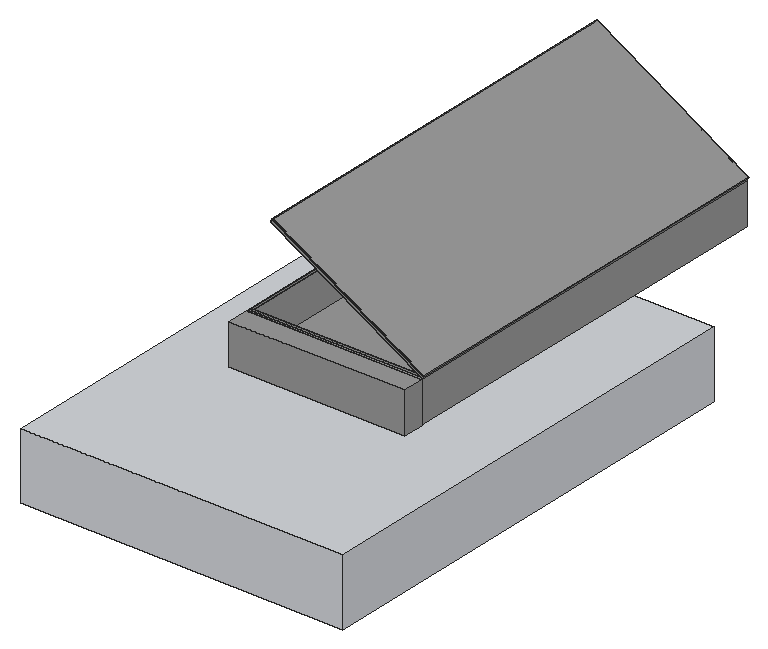
Revit family "Hager-Univers-IP44-D205-H1950-Cl.II-Encl-AT-de", category Equipement électrique, Revit 2020
Family settings
  Hôte = Face
  Configuration du panneau = Deux colonnes, circuits au sein
  Cote de connecteur circulaire = Utiliser le diamètre
  Type d'élément = Tableau de raccordement
  Couper avec des vides une fois chargée = Non
  Partagée = Non
  Point de calcul de pièce = Non
Parameters (values of type "Bodenaufstellung IP44 B800 H1950 T205  - FP23SN2")
  Width Control [instance] = if([EF000008 - Breite] > Min Width, [EF000008 - Breite], Min Width)  # 800 mm
  Commentaires du type = [HG000003 - Bereich]  # "Univers"
  Thickness Door [instance] = if([EF009171 - Materialstärke Tür/Deckel] > 3 mm, 3 mm, [EF009171 - Materialstärke Tür/Deckel])  # 1 mm
  Seal Frame Offset [instance] = 17 mm  # constant formula
  Plinth Visibility [instance] = [HG000027 - Sockelhöhe] > 0 mm  # yes
  Model = ""
  Min Width [instance] = 100 mm  # constant formula
  Min Height [instance] = 100 mm  # constant formula
  Min Depth [instance] = (2 * [EF009170 - Materialstärke Gehäuse]) + 1 mm  # 3 mm
  Internal Frame Depth [instance] = (Door System Depth * 0.5)  # 9 mm
  Height Control [instance] = if([EF000040 - Höhe] > Min Height, [EF000040 - Höhe], Min Height)  # 1950 mm
  HG000027 - Sockelhöhe = 100 mm
  HG000026 - Stehend auf dem Boden = yes
  HG000024 - Höhe des unteren Teils = 800 mm
  HG000023 - Gehäuse mit doppeltem Querschnitt = no
  HG000016 - 3D-Türsichtbarkeit [instance] = yes
  HG000015 - Sichtbarkeit der Türöffnung [instance] = no
  HG000014 - Tür rechts [instance] = yes
  HG000013 - Tür links [instance] = not([HG000014 - Tür rechts])  # no
  HG000012 - Türschwenkwinkel [instance] = 30.00°
  HG000010 - Asymmetrische Türen = no
  HG000009 - Doppelflügeligen Tür = no
  HG000006 - Unterputz = no
  HG000004 - Herstellerreferenz = "FP23SN2"
  HG000003 - Bereich = "Univers"
  HG000002 - Mit tür = yes
  Frame Offset Bottom [instance] = 10 mm  # constant formula
  Frame Offset [instance] = 15 mm  # constant formula
  EF015940 - Deckel mit Überdruckentlastung = no
  EF011959 - Schutzart (NEMA) = ""
  EF009554 - Anzahl der Öffnungen für Flanschplatten = 6
  Fabricant = "Hager"  # constant formula
  EF009212 - Ausführung Deckel = "EV000116 - geschlossen"
  EF009171 - Materialstärke Tür/Deckel = 1 mm
  EF009170 - Materialstärke Gehäuse = 1 mm
  EF008873 - Nennstrom (In) = 400 A
  EF007800 - Geeignet für Blitzschutz = no
  EF006306 - Mit Schloss = no
  EF006244 - Transparenter Deckel/Tür = no
  EF005474 - Schutzart (IP) = "EV006418 - IP44"
  EF004464 - Art der Tür = "EV002646 - Einzel"
  EF004427 - Anzahl der Module = 432
  EF004293 - Schlagfestigkeit = "EV006815 - IK09"
  EF003532 - Geeignet für Außengebrauch = no
  EF002950 - Breite in Teilungseinheiten = 36
  EF001613 - Funktionserhalt = "EV000494 - ohne"
  EF001596 - Werkstoff des Gehäuses = "EV000179 - Stahl"
  EF001131 - Innentiefe = 143 mm
  EF001088 - Anbaumöglichkeit = yes
  EF000437 - Anzahl der Leitungseinführungen = 6
  EF000339 - Art der Abdeckung = "EV001012 - Deckel"
  EF000266 - Anzahl der Reihen = 12
  EF000218 - Einbautiefe = 0 mm
  EF000118 - Mit Montageplatte = no
  EF000116 - RAL-Nummer = "9010"
  EF000049 - Tiefe = 205 mm
  EF000040 - Höhe = 1950 mm
  EF000008 - Breite = 800 mm
  EF000007 - Farbe = "EV000202 - weiß"
  EF000003 - Montageart = "EV012274 - Bodenaufstellung"
  Door System Leaf Tolerance [instance] = 1.5 mm  # constant formula
  Door System Depth [instance] = 18 mm  # constant formula
  Door Height [instance] = Height Control - [HG000027 - Sockelhöhe]  # 1850 mm
  Depth Control [instance] = if([EF000049 - Tiefe] > Min Depth, [EF000049 - Tiefe], Min Depth)  # 205 mm
  Default Elevation = 0 mm
  Connector Offset [instance] = Height Control / 2  # 975 mm
  Bottom Top Plate Trim [instance] = 1.5 mm  # constant formula
  Plinth height Ctrl [instance] = if([HG000027 - Sockelhöhe] > 0 mm, [HG000027 - Sockelhöhe], 12 mm)  # 100 mm
Types (5, lengths in mm): name | Width Control | HG000010 - Asymmetrische Türen | HG000009 - Doppelflügeligen Tür | HG000004 - Herstellerreferenz | EF009554 - Anzahl der Öffnungen für Flanschplatten | EF008873 - Nennstrom (In) | EF004464 - Art der Tür | EF004427 - Anzahl der Module | EF002950 - Breite in Teilungseinheiten | EF000437 - Anzahl der Leitungseinführungen | EF000008 - Breite
  Bodenaufstellung IP44 B1050 H1950 T205  - FP24SN2 | 1050 | no | yes | "FP24SN2" | 8 | 400 A | "EV003602 - Doppel" | 576 | 48 | 8 | 1050
  Bodenaufstellung IP44 B1300 H1950 T205  - FP25SN2 | 1300 | yes | yes | "FP25SN2" | 10 | 400 A | "EV003602 - Doppel" | 720 | 60 | 10 | 1300
  Bodenaufstellung IP44 B300 H1950 T205  - FP21SN2 | 300 | no | no | "FP21SN2" | 2 | 250 A | "EV002646 - Einzel" | 144 | 12 | 2 | 300
  Bodenaufstellung IP44 B550 H1950 T205  - FP22SN2 | 550 | no | no | "FP22SN2" | 4 | 400 A | "EV002646 - Einzel" | 288 | 24 | 4 | 550
  Bodenaufstellung IP44 B800 H1950 T205  - FP23SN2 | 800 | no | no | "FP23SN2" | 6 | 400 A | "EV002646 - Einzel" | 432 | 36 | 6 | 800
Reference planes
  plane 1 "Center (Front/Back)": y = 0
  plane 2: z = 0
  plane 3 "Center (Left/Right)": x = 0
  plane 4: z = 205
  plane 5: y = 101
  plane 6: y = 1025
  plane 7: y = 100
  plane 8: y = 1950
  plane 9: z = 0
  plane 10: x = -385
  plane 11: x = 385
  plane 12: x = 384
  plane 13: x = -384
  plane 14: y = 1949
  plane 15: x = -383
  plane 16: x = -400
  plane 17: x = 383
  plane 18: x = 400
  plane 19: x = 399
  plane 20: x = -399
  plane 21: y = 111
  plane 22: y = 1950
  plane 23: y = 1934
  plane 24: z = 187
  plane 25: z = 1
  plane 26: z = 186
  plane 27: z = 204
Forms (mm)
  Extrusion 1, solid
    sketch origin (0, 0, 0) x (1, 0, 0) y (0, 1, 0)
      loop
        line (-702.964, 1305) -> (-702.964, -811.445) -> (766.763, -811.445) -> (766.763, 1305) -> (-702.964, 1305)
    from 0 to -304.8
  Extrusion 2, solid, material "Hager_Steel_RAL7035_Light_Grey", visible <- "Plinth Visibility", detail levels medium+fine
    sketch origin (0, 0, 0) x (1, 0, 0) y (0, 1, 0)
      loop
        line (-400, 0) -> (400, 0) -> (400, 100) -> (-400, 100) -> (-400, 0)
    from 0 to 187
  Extrusion 3, solid, material "Hager_Steel_RAL7035_Light_Grey", detail levels medium+fine
    sketch origin (0, 0, 0) x (1, 0, 0) y (0, 1, 0)
      loop
        line (-400, 100) -> (400, 100) -> (400, 1950) -> (-400, 1950) -> (-400, 100)
    from 0 to 187
  Extrusion 4, void
    sketch origin (0, 0, 0) x (1, 0, 0) y (0, 1, 0)
      loop
        line (-399, 101) -> (399, 101) -> (399, 1949) -> (-399, 1949) -> (-399, 101)
    from 1 to 186
  Extrusion 5, void
    sketch origin (-381.607, -4572, 187) x (0, -1, 0) y (-1, 0, 0)
      loop
        line (-4683, 2.393) -> (-6506, 2.393) -> (-6506, -765.607) -> (-4683, -765.607) -> (-4683, 2.393)
    from 0 to 1 <- "EF009170 - Materialstärke Gehäuse"
  Extrusion 6, solid, material "Hager_Steel_RAL7035_Light_Grey", detail levels fine
    sketch origin (0, 0, 187) x (1, 0, 0) y (0, 1, 0)
      loop
        line (-384, 1934) -> (-384, 111) -> (384, 111) -> (384, 1934) -> (-384, 1934)
      loop
        line (-385, 110) -> (385, 110) -> (385, 1935) -> (-385, 1935) -> (-385, 110)
    from 0 to 9 <- "Internal Frame Depth"
  Extrusion 7, solid, material "Hager_Steel_RAL7035_Light_Grey", detail levels coarse
    sketch origin (0, 0, 0) x (1, 0, 0) y (0, 1, 0)
      loop
        line (-400, 0) -> (400, 0) -> (400, 1950) -> (-400, 1950) -> (-400, 0)
    from 0 to 205
  Sweep 8, void
    path in 3D
      loop
        line (-400, 100, 0) -> (400, 100, 0) -> (400, 100, 187) -> (-400, 100, 187) -> (-400, 100, 0)
    profile origin (-400, 100, 93.5) x (-1, 0, 0) y (0, -1, 0)
      loop
        line (0, 0) -> (0, 1.5) -> (-1.5, 1.5)
        arc (-1.5, 1.5) -> (-1.061, 0.439) -> (0, 0) r 1.5
Cuts and joins
  Extrusion 4, Extrusion 5 cuts Extrusion 3
  Sweep 8 cuts Extrusion 2
Lines and regions (mm)
  Masking region 1
    outline origin (0, 0, 0) x (1, 0, 0) y (0, 0, 1)
      loop
        line (-400, 205) -> (-400, 0) -> (400, 0) -> (400, 205) -> (-400, 205)
  Masking region 2, detail levels medium+fine
    outline origin (0, 140, 0) x (0, 1, 0) y (0, 0, 1)
      loop
        line (-40, 0) -> (1810, 0) -> (1810, 187) -> (-40, 187) -> (-40, 0)
  Masking region 3, not visible, detail levels medium+fine
    outline origin (0, 297.922, 0) x (0, 1, 0) y (0, 0, 1)
      loop
        line (738.578, 0) -> (778.578, 0) -> (778.578, 194)
        arc (778.578, 194) -> (775.649, 201.071) -> (768.578, 204) r 10
        line (768.578, 204) -> (738.578, 204) -> (738.578, 0)
  Masking region 4, detail levels coarse
    outline origin (0, 0, 180) x (0, 1, 0) y (0, 0, 1)
      loop
        line (0, -180) -> (1950, -180) -> (1950, 25) -> (0, 25) -> (0, -180)
  Masking region 5, visible <- "Plinth Visibility", detail levels medium+fine
    outline origin (0, 52.24, 12.345) x (0, 0, -1) y (0, 1, 0)
      loop
        line (10.845, 47.76) -> (-173.155, 47.76)
        arc (-173.155, 47.76) -> (-173.594, 46.699) -> (-174.655, 46.26) r 1.5
        line (-174.655, 46.26) -> (-174.655, -52.24) -> (12.345, -52.24) -> (12.345, 46.26)
        arc (12.345, 46.26) -> (11.285, 46.699) -> (10.845, 47.76) r 1.5
  Masking region 6, detail levels medium+fine
    outline origin (-381.607, -4572, 187) x (-1, 0, 0) y (0, -1, 0)
      loop
        line (18.393, -6522) -> (18.393, -4672) -> (-781.607, -4672) -> (-781.607, -6522) -> (18.393, -6522)
  Masking region 7, visible <- "Plinth Visibility", detail levels medium+fine
    outline origin (-381.607, -4727, 187) x (-1, 0, 0) y (0, -1, 0)
      loop
        arc (16.893, -4827) -> (17.332, -4825.939) -> (18.393, -4825.5) r 1.5
        line (18.393, -4825.5) -> (18.393, -4727) -> (-781.607, -4727) -> (-781.607, -4825.5)
        arc (-781.607, -4825.5) -> (-780.546, -4825.939) -> (-780.107, -4827) r 1.5
        line (-780.107, -4827) -> (16.893, -4827)
  Masking region 8, detail levels coarse
    outline origin (-442.548, -4669.526, 187) x (-1, 0, 0) y (0, -1, 0)
      loop
        line (-42.548, -6619.526) -> (-42.548, -4669.526) -> (-842.548, -4669.526) -> (-842.548, -6619.526) -> (-42.548, -6619.526)
  sketch lines
    curve 1: line (-400, 100, 187) -> (-400, 100, 0)
    curve 2: line (400, 100, 187) -> (-400, 100, 187)
    curve 3: line (400, 100, 187) -> (400, 100, 0)
    curve 4: line (-400, 100, 0) -> (400, 100, 0)
Dimensions and locks
  "Depth Control": plane 4 to Extrusion 1
  "HG000027 - Sockelhöhe": plane 1 "Center (Front/Back)" to plane 7
  "EF009170 - Materialstärke Gehäuse": plane 5 to plane 7
  locked: connector elem to plane 3 "Center (Left/Right)"
  equal spacing: plane 8, plane 6, plane 7
  locked: connector elem to plane 6
  "EF009170 - Materialstärke Gehäuse": plane 8 to plane 14
  "EF009170 - Materialstärke Gehäuse": plane 10 to plane 13
  "EF009170 - Materialstärke Gehäuse": plane 12 to plane 11
  "Frame Offset": plane 20 to plane 13
  "Frame Offset": plane 12 to plane 19
  "EF009170 - Materialstärke Gehäuse": plane 16 to plane 20
  "EF009170 - Materialstärke Gehäuse": plane 19 to plane 18
  "Seal Frame Offset": plane 16 to plane 15
  "Seal Frame Offset": plane 17 to plane 18
  "Frame Offset Bottom": plane 21 to plane 5
  "Frame Offset": plane 14 to plane 23
  equal spacing: plane 16, plane 3 "Center (Left/Right)", plane 18
  "Width Control": plane 16 to plane 18
  "EF009170 - Materialstärke Gehäuse": plane 4 to plane 27
  "EF009170 - Materialstärke Gehäuse": plane 24 to plane 26
  "EF009170 - Materialstärke Gehäuse": plane 25 to level
  "Door System Depth": plane 4 to plane 24
  "Height Control": plane 1 "Center (Front/Back)" to Extrusion 7 sketch curve
  "Height Control": Masking region 4 sketch curve to plane 1 "Center (Front/Back)"
  "Height Control": plane 1 "Center (Front/Back)" to plane 22
  "Bottom Top Plate Trim": profile plane to Sweep 8 sketch curve
  "Bottom Top Plate Trim": Sweep 8 sketch curve to profile plane
  "Plinth height Ctrl": plane 1 "Center (Front/Back)" to Extrusion 2 sketch curve
  "Plinth height Ctrl": Masking region 5 sketch curve to plane 1 "Center (Front/Back)"
  "Plinth height Ctrl": plane 1 "Center (Front/Back)" to Masking region 7 sketch curve
  "Thickness Door": Extrusion 6 sketch curve to Extrusion 6 sketch curve  (x3)
  "Thickness Door": cut or joined group of Extrusion 3, Extrusion 4, Extrusion 5 to Extrusion 6 sketch curve
  radius of Masking region 3 sketch curve = 10 mm
  "Bottom Top Plate Trim": radius of Masking region 5 sketch curve  (x2)
  "Bottom Top Plate Trim": radius of Sweep 8 sketch curve
  "Bottom Top Plate Trim": radius of Masking region 7 sketch curve  (x2)
  aligned and locked: plane 2 to Extrusion 1
  aligned and locked: level to Extrusion 1
  aligned and locked: level to Masking region 1 sketch curve
  aligned and locked: Masking region 1 sketch curve to plane 18
  aligned and locked: Masking region 1 sketch curve to plane 16
  aligned and locked: plane 7 to Masking region 2 sketch curve
  aligned and locked: level to Masking region 3 sketch curve
  aligned and locked: Masking region 3 sketch curve to plane 27
  aligned and locked: level to Masking region 2 sketch curve
  aligned and locked: plane 1 "Center (Front/Back)" to Extrusion 2 sketch curve
  aligned and locked: Extrusion 3 sketch curve to plane 7
  aligned and locked: plane 16 to Extrusion 3 sketch curve
  aligned and locked: plane 18 to Extrusion 3 sketch curve
  aligned and locked: plane 20 to Extrusion 4 sketch curve
  aligned and locked: plane 19 to Extrusion 4 sketch curve
  aligned and locked: Extrusion 4 sketch curve to plane 5
  aligned and locked: Extrusion 4 to plane 25
  aligned and locked: plane 26 to Extrusion 4
  aligned and locked: plane 24 to Extrusion 3
  aligned and locked: Extrusion 5 sketch curve to plane 21
  aligned and locked: Extrusion 5 sketch curve to plane 13
  aligned and locked: Extrusion 5 sketch curve to plane 12
  aligned and locked: plane 18 to Extrusion 7 sketch curve
  aligned and locked: plane 1 "Center (Front/Back)" to Extrusion 7 sketch curve
  aligned and locked: plane 16 to Extrusion 7 sketch curve
  aligned and locked: plane 4 to Extrusion 7
  aligned and locked: Extrusion 7 to level
  aligned and locked: level to Masking region 4 sketch curve
  aligned and locked: Masking region 4 sketch curve to plane 1 "Center (Front/Back)"
  aligned and locked: Masking region 4 sketch curve to plane 4
  aligned and locked: nested 1 to level
  aligned and locked: nested 1 to plane 16
  aligned and locked: plane 8 to Extrusion 3 sketch curve
  aligned and locked: plane 23 to Extrusion 5 sketch curve
  aligned and locked: plane 14 to Extrusion 4 sketch curve
  aligned and locked: Masking region 2 sketch curve to plane 8
  aligned and locked: level to Masking region 5 sketch curve
  aligned and locked: plane 16 to Extrusion 2 sketch curve
  aligned and locked: plane 18 to Extrusion 2 sketch curve
  aligned and locked: Masking region 5 sketch curve to plane 24
  aligned and locked: Masking region 2 sketch curve to plane 24
  aligned and locked: plane 24 to Extrusion 2
  aligned and locked: profile plane to Sweep 8 sketch curve  (x2)
  aligned and locked: Masking region 6 sketch curve to plane 18
  aligned and locked: Masking region 6 sketch curve to plane 22
  aligned and locked: Masking region 6 sketch curve to plane 16
  aligned and locked: plane 8 to plane 22
  aligned and locked: Masking region 6 sketch curve to plane 7
  aligned and locked: Masking region 7 sketch curve to plane 16
  aligned and locked: Masking region 7 sketch curve to plane 1 "Center (Front/Back)"
  aligned and locked: Masking region 7 sketch curve to plane 18
  aligned and locked: Masking region 8 sketch curve to plane 1 "Center (Front/Back)"
  aligned and locked: Masking region 8 sketch curve to plane 18
  aligned and locked: Masking region 8 sketch curve to plane 22
  aligned and locked: Masking region 8 sketch curve to plane 16
  aligned and locked: nested 2 to plane 7
  aligned and locked: plane 3 "Center (Left/Right)" to nested 2
  aligned and locked: nested 2 to plane 24
  aligned and locked: Extrusion 6 sketch curve to cut or joined group of Extrusion 3, Extrusion 4, Extrusion 5  (x4)
Automatic sketch dimensions
  Extrusion 1 sketch curve to Extrusion 1 sketch curve = 1469.727 mm
  Extrusion 1 sketch curve to Extrusion 1 sketch curve = 2116.445 mm
  Masking region 1 sketch curve to plane 4 = 0 mm
  plane 6 to Masking region 3 sketch curve = 11.5 mm
  Masking region 3 sketch curve to Masking region 3 sketch curve = 30 mm
  Masking region 5 sketch curve to plane 1 "Center (Front/Back)" = 0 mm
Nested families
  nested 1: "Hager_Enclosure_Symbol" at (-400, 0, 0) x (1, 0, 0) z (0, -1, 0), Height <- "Depth Control", Width <- "Width Control", type "Hager_Enclosure_Symbol"
    with Width_Ctrl 800 mm, Width 800 mm, Height_Ctrl 205 mm, Height 205 mm, A_Width_Int 13.453 mm, A_Width 161.438 mm, A_Height_Ctrl 179.375 mm, A_Height 179.375 mm
  nested 2: "EC000058_Univers_Door" at (0, 100, 187) x (1, 0, 0) z (0, 1, 0), Leaf_Tolerance <- "Door System Leaf Tolerance", Angle <- "HG000012 - Türschwenkwinkel", Door_Depth <- "Door System Depth", Door_Left <- "HG000013 - Tür links", Transparent <- "EF006244 - Transparenter Deckel/Tür", Assymetrical <- "HG000010 - Asymmetrische Türen", Width <- "Width Control", Clearance <- "HG000015 - Sichtbarkeit der Türöffnung", Double <- "HG000009 - Doppelflügeligen Tür", 3d_Door <- "HG000016 - 3D-Türsichtbarkeit", Lock_Visibility <- "EF006306 - Mit Schloss", Width_Ctrl <- "Width Control", Door_Right <- "HG000014 - Tür rechts", Door <- "HG000002 - Mit tür", Height <- "Door Height", Thickness <- "Thickness Door", type "EC000058_Univers_Door", detail levels medium+fine
    with min_wh 3 mm, Width_Ctrl 800 mm, Width 800 mm, Transparent no, Thickness 1 mm, Seal_Material Hager_Rubber, Lock_Visibility no, Lock_Material Hager_Plastic_RAL9005_Jet_Black, Leaf_Width 800 mm, Leaf_Tolerance_External_Sides 0 mm, Leaf_Tolerance 1.5 mm, Leaf_Offset 0 mm, Leaf_Height 1847 mm, Leaf_2_Width 800 mm, Leaf_2_Offset 400 mm, Leaf_1_Width 800 mm, Leaf_1_Offset 400 mm, Height_Ctrl 1850 mm, Height 1850 mm, Glass_Material Hager_Glass, Double_Clearance_Ctrl no, Double no, Door_Right_Ctrl yes, Door_Right yes, Door_Material Hager_Steel_RAL7035_Light_Grey, Door_Left_Ctrl no, Door_Left no, Door_Depth 18 mm, Door yes, Clearance_Material Hager_Clearance, Clearance_Depth 800 mm, Clearance_Ctrl no, Clearance no, Assymetrical no, Angle 30.00°, 3d_Door yes
Connectors
  electrical at (0, 1025, 0)
    settings: on plane 9, index 1, voltage 0 V, apparent load 0 VA, apparent load phase1 0 VA, apparent load phase2 0 VA, apparent load phase3 0 VA, power factor 1, load classification "Other", number of poles 1, system type 30, power factor state 1, is connector primary yes, connector utility no, sub classification motor no, connector description ""
Definition of nested family "EC000058_Univers_Door"
  Parameters (values of type "EC000058_Univers_Door")
    min_wh [instance] = (2 * Thickness) + 1 mm  # 11 mm
    Width_Ctrl [instance] = 400 mm
    Width [instance] = 500 mm
    Transparent [instance] = yes
    Thickness [instance] = 5 mm
    Seal_Material [instance] = none
    Lock_Visibility [instance] = yes
    Lock_Material [instance] = none
    Leaf_Width [instance] = if((Width_Ctrl - 2 * Leaf_Tolerance_External_Sides) > 0 mm, (Width_Ctrl - 2 * Leaf_Tolerance_External_Sides), min_wh)  # 400 mm
    Leaf_Tolerance_External_Sides [instance] = 0 mm  # constant formula
    Leaf_Tolerance [instance] = 1.5 mm
    Leaf_Offset [instance] = 0 mm  # constant formula
    Leaf_Height [instance] = if((Height_Ctrl - 2 * Leaf_Tolerance) > 0 mm, (Height_Ctrl - 2 * Leaf_Tolerance), min_wh)  # 497 mm
    Leaf_2_Width [instance] = if(and(and(Double, Assymetrical), Door_Left), (Leaf_Width / 3) - (Leaf_Tolerance / 2), if(and(and(Double, Assymetrical), Door_Right), (Leaf_Width / 3) * 2 - (Leaf_Tolerance / 2), if(and(Double, not(Assymetrical)), (Leaf_Width / 2) - Leaf_Tolerance, Leaf_Width)))  # 400 mm
    Leaf_2_Offset [instance] = if(and(Double, Assymetrical), Leaf_2_Width / 2, if(and(Double, not(Assymetrical)), Leaf_Width / 4, Leaf_Width / 2))  # 200 mm
    Leaf_1_Width [instance] = if(and(and(Double, Assymetrical), Door_Right), (Leaf_Width / 3) - (Leaf_Tolerance / 2), if(and(and(Double, Assymetrical), Door_Left), (Width / 3) * 2 - (Leaf_Tolerance / 2), if(and(Double, not(Assymetrical)), (Leaf_Width / 2) - Leaf_Tolerance, Leaf_Width)))  # 400 mm
    Leaf_1_Offset [instance] = if(and(Double, Assymetrical), Leaf_1_Width / 2, if(and(Double, not(Assymetrical)), Leaf_Width / 4, Leaf_Width / 2))  # 200 mm
    Height_Ctrl [instance] = if(Height > min_wh, Height, min_wh)  # 500 mm
    Height [instance] = 500 mm
    Glass_Material [instance] = none
    Double_Clearance_Ctrl [instance] = and(Double, Clearance)  # no
    Double [instance] = no
    Door_Right_Ctrl [instance] = and(or(Door_Right, Double), Door)  # yes
    Door_Right [instance] = yes
    Door_Material [instance] = none
    Door_Left_Ctrl [instance] = and(or(Door_Left, Double), Door)  # no
    Door_Left [instance] = no
    Door_Depth [instance] = 30 mm
    Door [instance] = yes
    Default Elevation = 1219.2 mm
    Clearance_Material [instance] = none
    Clearance_Depth [instance] = if(Leaf_1_Width > Leaf_2_Width, Leaf_1_Width, Leaf_2_Width)  # 400 mm
    Clearance_Ctrl [instance] = and(not(Double), Clearance)  # yes
    Clearance [instance] = yes
    Assymetrical [instance] = yes
    Angle [instance] = 30.00°
    3d_Door [instance] = yes
  Reference planes
    plane 1 "Center (Front/Back)": y = 0
    plane 2 "Bottom": z = 0
    plane 3 "Center (Left/Right)": x = 0
    plane 4: z = 500
    plane 5: x = -200
    plane 6: x = 200
    plane 7: z = 500
    plane 8: x = -200
    plane 9: z = 0
    plane 10: x = 200
    plane 11: y = 0
    plane 12: z = 1.5
    plane 13: x = -600
    plane 14: y = -400
    plane 15: x = 600
    plane 16: x = 0
    plane 17: x = 0
    plane 18: x = -200
    plane 19: x = 200
    plane 20: z = 498.5
  Forms (mm)
    Extrusion 1, solid, material <- "Clearance_Material", visible <- "Double_Clearance_Ctrl"
      sketch origin (1200, 0, 0) x (1, 0, 0) y (0, 0, -1)
        loop
          line (-1800, -498.5) -> (-600, -498.5) -> (-600, 0) -> (-1800, 0) -> (-1800, -498.5)
      from 0 to -400
  Dimensions and locks
    equal spacing: plane 5, plane 3 "Center (Left/Right)", plane 6
    "Width_Ctrl": plane 5 to plane 6
    "Leaf_Offset": plane 5 to plane 8
    "Leaf_Offset": plane 6 to plane 10
    "Leaf_Offset": plane 9 to level
    "Leaf_Offset": plane 4 to plane 7
    "Height_Ctrl": plane 4 to level
    "Leaf_Tolerance": plane 12 to plane 9
    locked: plane 11 to plane 1 "Center (Front/Back)"
    "Leaf_1_Offset": plane 18 to plane 16
    "Leaf_2_Offset": plane 17 to plane 19
    "Leaf_1_Width": plane 13 to plane 8
    "Leaf_2_Width": plane 10 to plane 15
    "Clearance_Depth": plane 14 to plane 1 "Center (Front/Back)"
    "Leaf_Tolerance_External_Sides": plane 8 to plane 18
    "Leaf_Tolerance_External_Sides": plane 19 to plane 10
    "Leaf_Tolerance": plane 7 to plane 20
    aligned and locked: level to plane 2 "Bottom"
    aligned and locked: nested 1 to plane 16
    aligned and locked: nested 2 to plane 17
    aligned and locked: Extrusion 1 to plane 13
    aligned and locked: plane 15 to Extrusion 1
    aligned and locked: Extrusion 1 to plane 14
    aligned and locked: plane 12 to nested 1
    aligned and locked: nested 2 to plane 12
    aligned and locked: Extrusion 1 to plane 11
    aligned and locked: plane 20 to Extrusion 1
    aligned and locked: nested 2 to plane 11
    aligned and locked: nested 1 to plane 11
  Automatic sketch dimensions
    Extrusion 1 sketch curve to level = 0 mm
    plane 5 to Extrusion 1 sketch curve = 400 mm
    plane 6 to Extrusion 1 sketch curve = 400 mm
    Extrusion 1 sketch curve to plane 4 = 1.5 mm
  Nested families
    nested 1: "EC000058_Univers_Door_Leaf" at (0, 0, 1.5), Width <- "Leaf_1_Width", visible <- "Door_Left_Ctrl", Leaf_Height <- "Leaf_Height", Angle <- "Angle", 3d_Door <- "3d_Door", Transparent <- "Transparent", Clearance Material <- "Clearance_Material", Clearance <- "Clearance_Ctrl", Door_Material <- "Door_Material", Glass_Material <- "Glass_Material", Door_Depth <- "Door_Depth", Lock_Material <- "Lock_Material", Seal_Material <- "Seal_Material", Lock_Visibility <- "Lock_Visibility", Thickness <- "Thickness", type "EC000058_Univers_Door_Leaf"
      with Width 400 mm, Transparent_Glass_Offset 30 mm, Transparent_Ctrl yes, Transparent yes, Thickness 5 mm, Standard no, Seal_Material none, Seal_D2 8 mm, Seal_D1 1 mm, Offset_Internal_Frame 10 mm, Lock_Width 20 mm, Lock_Visibility_3d yes, Lock_Visibility yes, Lock_Thickness_3 3 mm, Lock_Thickness_2 1 mm, Lock_Thickness_1 3 mm, Lock_Radius_Offset_2 16 mm, Lock_Radius_Offset_1 15 mm, Lock_Radius_2 5 mm, Lock_Radius 6 mm, Lock_Offset 5 mm, Lock_Material none, Lock_Height 80 mm, Lock_Cover_Top_Offset_2d 17 mm, Lock_Cover_Height -65 mm, Leaf_Height 497 mm, Internal_Seal_Thickness 8 mm, Internal_Seal_Depth_2 4.5 mm, Internal_Frame_Depth 25 mm, Glass_Thickness -1 mm, Glass_Offset -2 mm, Glass_Material none, Door_Material none, Door_Depth 30 mm, Clearance Material none, Clearance yes, Angle_Ctrl 30.00°, Angle 30.00°, 3d_Door yes
    nested 2: "EC000058_Univers_Door_Leaf" at (0, 0, 1.5) x (-1, 0, 0) z (0, 0, 1), Width <- "Leaf_2_Width", visible <- "Door_Right_Ctrl", Leaf_Height <- "Leaf_Height", Angle <- "Angle", 3d_Door <- "3d_Door", Transparent <- "Transparent", Clearance Material <- "Clearance_Material", Clearance <- "Clearance_Ctrl", Door_Material <- "Door_Material", Glass_Material <- "Glass_Material", Door_Depth <- "Door_Depth", Lock_Material <- "Lock_Material", Seal_Material <- "Seal_Material", Lock_Visibility <- "Lock_Visibility", Thickness <- "Thickness", type "EC000058_Univers_Door_Leaf"
      with Width 400 mm, Transparent_Glass_Offset 30 mm, Transparent_Ctrl yes, Transparent yes, Thickness 5 mm, Standard no, Seal_Material none, Seal_D2 8 mm, Seal_D1 1 mm, Offset_Internal_Frame 10 mm, Lock_Width 20 mm, Lock_Visibility_3d yes, Lock_Visibility yes, Lock_Thickness_3 3 mm, Lock_Thickness_2 1 mm, Lock_Thickness_1 3 mm, Lock_Radius_Offset_2 16 mm, Lock_Radius_Offset_1 15 mm, Lock_Radius_2 5 mm, Lock_Radius 6 mm, Lock_Offset 5 mm, Lock_Material none, Lock_Height 80 mm, Lock_Cover_Top_Offset_2d 17 mm, Lock_Cover_Height -65 mm, Leaf_Height 497 mm, Internal_Seal_Thickness 8 mm, Internal_Seal_Depth_2 4.5 mm, Internal_Frame_Depth 25 mm, Glass_Thickness -1 mm, Glass_Offset -2 mm, Glass_Material none, Door_Material none, Door_Depth 30 mm, Clearance Material none, Clearance yes, Angle_Ctrl 30.00°, Angle 30.00°, 3d_Door yes
  Definition of nested family "EC000058_Univers_Door_Leaf"
    Parameters (values of type "EC000058_Univers_Door_Leaf")
      Width [instance] = 2000 mm
      Transparent_Glass_Offset [instance] = 30 mm
      Transparent_Ctrl [instance] = and(Transparent, [3d_Door])  # yes
      Transparent [instance] = yes
      Thickness [instance] = 5 mm
      Standard [instance] = and(not(Transparent), [3d_Door])  # no
      Seal_Material [instance] = none
      Seal_D2 [instance] = 8 mm  # constant formula
      Seal_D1 [instance] = 1 mm  # constant formula
      Offset_Internal_Frame [instance] = 10 mm  # constant formula
      Lock_Width [instance] = 20 mm  # constant formula
      Lock_Visibility_3d [instance] = and(Lock_Visibility, [3d_Door])  # yes
      Lock_Visibility [instance] = yes
      Lock_Thickness_3 [instance] = 3 mm  # constant formula
      Lock_Thickness_2 [instance] = 1 mm  # constant formula
      Lock_Thickness_1 [instance] = 3 mm  # constant formula
      Lock_Radius_Offset_2 [instance] = Lock_Radius_Offset_1 + 1 mm  # 16 mm
      Lock_Radius_Offset_1 [instance] = 15 mm  # constant formula
      Lock_Radius_2 [instance] = Lock_Radius - 1 mm  # 5 mm
      Lock_Radius [instance] = 6 mm  # constant formula
      Lock_Offset [instance] = 5 mm  # constant formula
      Lock_Material [instance] = none
      Lock_Height [instance] = 80 mm  # constant formula
      Lock_Cover_Top_Offset_2d [instance] = Lock_Radius_Offset_2 + 1 mm  # 17 mm
      Lock_Cover_Height [instance] = -(Lock_Height - Lock_Radius_Offset_1)  # -65 mm
      Leaf_Height [instance] = 2720.336 mm
      Internal_Seal_Thickness [instance] = 8 mm  # constant formula
      Internal_Seal_Depth_2 [instance] = 4.5 mm  # constant formula
      Internal_Frame_Depth [instance] = if(Door_Depth - Thickness > 5 mm, Door_Depth - Thickness, 5 mm)  # 25 mm
      Glass_Thickness [instance] = if(Thickness > 15 mm, Glass_Offset + 10 mm, -1 mm)  # -1 mm
      Glass_Offset [instance] = if(Thickness > 15 mm, -(Thickness + 10 mm) / 2, -2 mm)  # -2 mm
      Glass_Material [instance] = none
      Door_Material [instance] = none
      Door_Depth [instance] = 30 mm
      Default Elevation = 0 mm
      Clearance Material [instance] = none
      Clearance [instance] = yes
      Angle_Ctrl [instance] = if(Angle > 180.00°, 180.00°, Angle)  # 90.00°
      Angle [instance] = 90.00°
      3d_Door [instance] = yes
    Reference planes
      plane 1 "Center (Front/Back)": y = 0
      plane 2: z = 0
      plane 3 "Center (Left/Right)": x = 0
      plane 4: y = 2000
      plane 5: x = -1000
      plane 6: x = 1000
      plane 7: x = -3000
      plane 8: z = 2720.336
      plane 9: z = 30
      plane 10: z = 2690.336
      plane 11: x = 970
      plane 12: x = -970
      plane 13: y = -3
      plane 14: z = 107.833
      plane 15: y = -5
      plane 16: y = -223.314
      plane 17: x = -1000
      plane 18: z = 1360.168
      plane 19: y = 30
    Forms (mm)
      Extrusion 1, solid, material <- "Clearance Material", visible <- "Clearance"
        sketch origin (0, 0, 0) x (1, 0, 0) y (0, 0, 1)
          loop
            line (-3000, 2720.336) -> (-3000, 0) -> (1000, 0) -> (1000, 2720.336) -> (-3000, 2720.336)
        from 0 to -2000
      Extrusion 2, solid, material <- "Door_Material", visible <- "Standard", detail levels medium+fine
        sketch origin (-1000, 0, 0) x (0, 1, 0) y (-1, 0, 0)
          loop
            line (0, 30) -> (0, 25) -> (2000, 25) -> (2000, 30) -> (0, 30)
        from 0 to 2720.336 <- "Leaf_Height"
      Extrusion 3, solid, material <- "Door_Material", visible <- "Transparent_Ctrl", detail levels medium+fine
        sketch origin (-1000, 0, 0) x (0, 1, 0) y (-1, 0, 0)
          loop
            line (0, 25) -> (2000, 25) -> (2000, 30) -> (0, 30) -> (0, 25)
        from 0 to 2720.336 <- "Leaf_Height"
      Extrusion 4, void
        sketch origin (-1025, 2000, 0) x (0, 1, 0) y (0, 0, -1)
          loop
            line (-30, -2690.336) -> (-30, -30) -> (-1970, -30) -> (-1970, -2690.336) -> (-30, -2690.336)
        from 0 to 5 <- "Thickness"
      Sweep 5, solid, material <- "Seal_Material", visible <- "Transparent_Ctrl", detail levels fine
        path in 3D
          loop
            line (-1025, 30, 30) -> (-1025, 30, 2690.336) -> (-1025, 1970, 2690.336) -> (-1025, 1970, 30) -> (-1025, 30, 30)
        profile origin (-1025, 1000, 30) x (1, 0, 0) y (0, 0, 1)
          loop
            line (0, 0) -> (0, -8) -> (1, -8) -> (1, 0) -> (0, 0)
      Extrusion 6, solid, material <- "Glass_Material", visible <- "Transparent_Ctrl", detail levels medium+fine
        sketch origin (-1030, 0, 0) x (0, 1, 0) y (0, 0, -1)
          loop
            line (1970, -2690.336) -> (1970, -30) -> (30, -30) -> (30, -2690.336) -> (1970, -2690.336)
        from -2 <- "Glass_Offset" to -1 <- "Glass_Thickness"
      Extrusion 7, solid, material <- "Door_Material", visible <- "3d_Door", detail levels medium+fine
        sketch origin (-1025, 2000, 0) x (0, -1, 0) y (0, 0, -1)
          loop
            line (0, -2720.336) -> (2000, -2720.336) -> (2000, 0) -> (0, 0) -> (0, -2720.336)
          loop
            line (1995, -5) -> (5, -5) -> (5, -2715.336) -> (1995, -2715.336) -> (1995, -5)
        from 0 to 25 <- "Internal_Frame_Depth"
      Sweep 8, solid, material <- "Seal_Material", visible <- "Transparent_Ctrl", detail levels fine
        path in 3D
          loop
            line (-1025, 0, 0) -> (-1025, 2000, 0) -> (-1025, 2000, 2720.336) -> (-1025, 0, 2720.336) -> (-1025, 0, 0)
        profile origin (-1025, 0, 1360.168) x (1, 0, 0) y (0, 1, 0)
          loop
            line (0, 10) -> (2.975, 10)
            arc (2.975, 10) -> (4.053, 10.447) -> (4.5, 11.525) r 1.525
            line (4.5, 11.525) -> (4.5, 16.527)
            arc (4.5, 16.527) -> (4.069, 17.569) -> (3.027, 18) r 1.473
            line (3.027, 18) -> (0, 18) -> (0, 10)
      Extrusion 9, solid, material <- "Lock_Material", visible <- "Lock_Visibility_3d", detail levels fine
        sketch origin (-1030, 0, 0) x (0, 1, 0) y (0, 0, -1)
          loop
            arc (1993.5, -1400.168) -> (1994.561, -1399.729) -> (1995, -1398.668) r 1.5
            line (1995, -1398.668) -> (1995, -1320.168) -> (1975, -1320.168) -> (1975, -1398.668)
            arc (1975, -1398.668) -> (1975.439, -1399.729) -> (1976.5, -1400.168) r 1.5
            line (1976.5, -1400.168) -> (1993.5, -1400.168)
        from 3 <- "Lock_Thickness_1" to 0
      Blend 10, solid, material <- "Lock_Material", visible <- "Lock_Visibility_3d", detail levels fine
        base sketch origin (-1033, 0, 0) x (0, 1, 0) y (0, 0, -1)
          loop
            line (1975, -1320.168) -> (1975, -1398.668)
            arc (1975, -1398.668) -> (1975.439, -1399.729) -> (1976.5, -1400.168) r 1.5
            line (1976.5, -1400.168) -> (1993.5, -1400.168)
            arc (1993.5, -1400.168) -> (1994.561, -1399.729) -> (1995, -1398.668) r 1.5
            line (1995, -1398.668) -> (1995, -1320.168) -> (1975, -1320.168)
        top sketch origin (-1033, 0, 0) x (0, 1, 0) y (0, 0, -1)
          loop
            line (1976, -1320.168) -> (1976, -1398.668)
            arc (1976, -1398.668) -> (1976.146, -1399.022) -> (1976.5, -1399.168) r 0.5
            line (1976.5, -1399.168) -> (1993.5, -1399.168)
            arc (1993.5, -1399.168) -> (1993.854, -1399.022) -> (1994, -1398.668) r 0.5
            line (1994, -1398.668) -> (1994, -1320.168) -> (1976, -1320.168)
        from 0 to 1 <- "Lock_Thickness_2"
      Blend 11, solid, material <- "Lock_Material", visible <- "Lock_Visibility_3d", detail levels fine
        base sketch origin (-1034, 0, 0) x (0, 1, 0) y (0, 0, -1)
          loop
            line (1978, -1320.168) -> (1978, -1384.168)
            arc (1978, -1384.168) -> (1985, -1391.168) -> (1992, -1384.168) r 7
            line (1992, -1384.168) -> (1992, -1320.168) -> (1978, -1320.168)
        top sketch origin (-1034, 0, 0) x (0, 1, 0) y (0, 0, -1)
          loop
            line (1991, -1320.168) -> (1979, -1320.168) -> (1979, -1383.168)
            arc (1979, -1383.168) -> (1985, -1389.168) -> (1991, -1383.168) r 6
            line (1991, -1383.168) -> (1991, -1320.168)
        from 0 to 3 <- "Lock_Thickness_3"
      Extrusion 12, solid, material <- "Lock_Material", visible <- "Lock_Visibility_3d", detail levels fine
        sketch origin (-1030, 1975, 1320.168) x (1, 0, 0) y (0, -1, 0)
          loop
            line (-7, -19) -> (-7, -1) -> (0, -1) -> (0, 0) -> (-8, 0) -> (-8, -20) -> (0, -20) -> (0, -19) -> (-7, -19)
        from 0 to -65 <- "Lock_Cover_Height"
      Extrusion 13, void
        sketch origin (-1038, 1995, 1320.168) x (-1, 0, 0) y (0, 0, -1)
          loop
            line (-5, -65) -> (0, -65) -> (-5, -60) -> (-5, -65)
        from 0 to 20 <- "Lock_Width"
      Extrusion 14, void
        sketch origin (-1038, 1975, 1320.168) x (0, -1, 0) y (0, 0, -1)
          loop
            circle (-10, -15.995) r 6
          loop
            circle (-10, -15.995) r 5
        from 0 to 2
      Extrusion 15, solid, material <- "Lock_Material", visible <- "Lock_Visibility_3d", detail levels medium
        sketch origin (-1030, 0, 0) x (0, 1, 0) y (0, 0, -1)
          loop
            arc (1993.5, -1400.168) -> (1994.561, -1399.729) -> (1995, -1398.668) r 1.5
            line (1995, -1398.668) -> (1995, -1320.168) -> (1975, -1320.168) -> (1975, -1398.668)
            arc (1975, -1398.668) -> (1975.439, -1399.729) -> (1976.5, -1400.168) r 1.5
            line (1976.5, -1400.168) -> (1993.5, -1400.168)
        from 8 to 0
    Cuts and joins
      Extrusion 4 cuts Extrusion 3
      Extrusion 13, Extrusion 14 cuts Extrusion 9
      Extrusion 14 cuts Blend 11
      Extrusion 13, Extrusion 14 cuts Extrusion 12
      joined: Extrusion 9, Blend 10, Blend 11, Extrusion 12
      Extrusion 14 cuts Extrusion 15
    Lines and regions (mm)
      Masking region 1, visible <- "Lock_Visibility", detail levels fine
        outline origin (0, 0, 0) x (0, 1, 0) y (0, 0, 1)
          loop
            line (30, 1320.168) -> (33, 1320.168) -> (33, 1400.168) -> (30, 1400.168) -> (30, 1320.168)
      Masking region 2, visible <- "Lock_Visibility", detail levels fine
        outline origin (0, 3.143, 0) x (0, 1, 0) y (0, 0, 1)
          loop
            line (29.857, 1354.168) -> (30.857, 1354.168) -> (30.857, 1366.168) -> (29.857, 1366.168) -> (29.857, 1354.168)
      Masking region 3, detail levels medium+fine
        outline origin (0, 0, 0) x (0, 1, 0) y (0, 0, 1)
          loop
            line (0, 0) -> (30, 0) -> (30, 2720.336) -> (0, 2720.336) -> (0, 0)
      Masking region 4, detail levels medium+fine
        outline origin (0, 0, 0) x (1, 0, 0) y (0, 0, 1)
          loop
            line (-1000, 2720.336) -> (-1000, 0) -> (1000, 0) -> (1000, 2720.336) -> (-1000, 2720.336)
      Masking region 5, visible <- "Lock_Visibility", detail levels fine
        outline origin (-47.116, 0, 0) x (1, 0, 0) y (0, 0, 1)
          loop
            arc (1024.616, 1399.168) -> (1023.556, 1398.729) -> (1023.116, 1397.668) r 1.5
            line (1023.116, 1397.668) -> (1023.116, 1320.168) -> (1041.116, 1320.168) -> (1041.116, 1397.668)
            arc (1041.116, 1397.668) -> (1040.677, 1398.729) -> (1039.616, 1399.168) r 1.5
            line (1039.616, 1399.168) -> (1024.616, 1399.168)
      Masking region 6, visible <- "Lock_Visibility", detail levels medium+fine
        outline origin (-25, 0, 0) x (1, 0, 0) y (0, 0, 1)
          loop
            arc (1001.5, 1400.168) -> (1000.439, 1399.729) -> (1000, 1398.668) r 1.5
            line (1000, 1398.668) -> (1000, 1320.168) -> (1020, 1320.168) -> (1020, 1398.668)
            arc (1020, 1398.668) -> (1019.561, 1399.729) -> (1018.5, 1400.168) r 1.5
            line (1018.5, 1400.168) -> (1001.5, 1400.168)
      Masking region 7, visible <- "Lock_Visibility", detail levels fine
        outline origin (-73.735, 0, 0) x (1, 0, 0) y (0, 0, 1)
          loop
            line (1051.735, 1382.168) -> (1065.735, 1382.168) -> (1065.735, 1384.168)
            arc (1065.735, 1384.168) -> (1058.735, 1391.168) -> (1051.735, 1384.168) r 7
            line (1051.735, 1384.168) -> (1051.735, 1382.168)
      Masking region 8, visible <- "Lock_Visibility", detail levels fine
        outline origin (-73.735, 0, 0) x (1, 0, 0) y (0, 0, 1)
          loop
            line (1052.735, 1382.168) -> (1064.735, 1382.168) -> (1064.735, 1383.168)
            arc (1064.735, 1383.168) -> (1058.735, 1389.168) -> (1052.735, 1383.168) r 6
            line (1052.735, 1383.168) -> (1052.735, 1382.168)
      Masking region 9, visible <- "Lock_Visibility", detail levels fine
        outline origin (-25, 0, 0) x (1, 0, 0) y (0, 0, 1)
          loop
            line (1020, 1320.168) -> (1020, 1382.168) -> (1000, 1382.168) -> (1000, 1320.168) -> (1020, 1320.168)
      Masking region 10, detail levels medium+fine
        outline origin (0, 0, 0) x (1, 0, 0) y (0, 0, 1)
          loop
            circle (985, 1335.144) r 6
      Masking region 11, detail levels fine
        outline origin (0, 0, 0) x (1, 0, 0) y (0, 0, 1)
          loop
            circle (985, 1335.144) r 5
      Masking region 12, visible <- "Lock_Visibility", detail levels fine
        outline origin (0, 12.767, 0) x (0, 1, 0) y (0, 0, 1)
          loop
            line (20.233, 1320.168) -> (21.233, 1320.168) -> (21.233, 1399.168) -> (20.233, 1400.168) -> (20.233, 1320.168)
      Masking region 13, visible <- "Lock_Visibility", detail levels fine
        outline origin (0, 13.767, -10) x (0, 1, 0) y (0, 0, 1)
          loop
            line (20.233, 1330.168) -> (23.233, 1330.168) -> (23.233, 1399.168) -> (20.233, 1402.168) -> (20.233, 1330.168)
      Masking region 14, visible <- "Lock_Visibility", detail levels fine
        outline origin (0, 12.767, -10) x (0, 1, 0) y (0, 0, 1)
          loop
            line (20.233, 1330.168) -> (25.233, 1330.168) -> (25.233, 1399.305) -> (20.233, 1394.305) -> (20.233, 1330.168)
      Masking region 15, visible <- "Lock_Visibility", detail levels medium
        outline origin (0, 0, 0) x (0, 1, 0) y (0, 0, 1)
          loop
            line (30, 1320.168) -> (38, 1320.168) -> (38, 1400.168) -> (30, 1400.168) -> (30, 1320.168)
      Masking region 16, visible <- "Lock_Visibility", detail levels fine
        outline origin (-1000, 0, 0) x (0, 1, 0) y (-1, 0, 0)
          loop
            line (1975, 30) -> (1995, 30) -> (1995, 38) -> (1975, 38) -> (1975, 30)
          loop
            line (1979, 37) -> (1976, 37) -> (1976, 34) -> (1978, 34) -> (1979, 37)
          loop
            line (1994, 37) -> (1991, 37) -> (1992, 34) -> (1994, 34) -> (1994, 37)
      Masking region 17, visible <- "Lock_Visibility", detail levels medium
        outline origin (-1000, 0, 0) x (0, 1, 0) y (-1, 0, 0)
          loop
            line (1975, 30) -> (1995, 30) -> (1995, 38) -> (1975, 38) -> (1975, 30)
      symbolic lines
        curve 1: line (1000, 0, 0) -> (-3000, 0, 0)
        curve 2: arc (1000, 0, 0) -> (-1000, 2000, 0) -> (-3000, 0, 0) r 2000
        curve 4: line (-1030, 0, 0) -> (-1030, 2000, 0)
      reference lines
        curve 3: line (-1000, 0, 0) -> (-1000, 2000, 0)
      symbolic lines, detail levels medium+fine
        curve 5: line (-1030, 2000, 0) -> (-1025, 2000, 0)
        curve 7: line (-1025, 0, 0) -> (-1030, 0, 0)
        curve 8: line (-1025, 0, 0) -> (-1000, 0, 0)
        curve 9: line (-1000, 0, 0) -> (-1000, 2000, 0)
        curve 10: line (-1000, 2000, 0) -> (-1025, 2000, 0)
      symbolic lines, detail levels fine
        curve 6: line (-1025, 2000, 0) -> (-1025, 0, 0)
      sketch lines
        curve 11: line (-1025, 0, 2720.336) -> (-1025, 0, 0)
        curve 12: line (-1025, 2000, 0) -> (-1025, 0, 0)
        curve 13: line (-1025, 2000, 2720.336) -> (-1025, 2000, 0)
        curve 14: line (-1025, 0, 2720.336) -> (-1025, 2000, 2720.336)
        curve 15: line (-1025, 1970, 30) -> (-1025, 30, 30)
        curve 16: line (-1025, 30, 30) -> (-1025, 30, 2690.336)
        curve 17: line (-1025, 1970, 2690.336) -> (-1025, 1970, 30)
        curve 18: line (-1025, 30, 2690.336) -> (-1025, 1970, 2690.336)
      symbolic lines, visible <- "Transparent", detail levels medium+fine
        curve 19: line (-970, 0, 2690.336) -> (970, 0, 2690.336)
        curve 20: line (-970, 0, 30) -> (-970, 0, 2690.336)
        curve 21: line (970, 0, 30) -> (-970, 0, 30)
        curve 22: line (970, 0, 2690.336) -> (970, 0, 30)
    Dimensions and locks
      "Width": plane 1 "Center (Front/Back)" to plane 4
      equal spacing: plane 5, plane 3 "Center (Left/Right)", plane 6
      "Width": plane 5 to plane 6
      "Width": plane 7 to plane 5
      "Leaf_Height": plane 8 to level
      "Width": curve 5 to curve 3
      "Width": curve 3 to curve 3
      plane 8 to plane 10 = 30 mm
      plane 9 to level = 30 mm
      plane 12 to plane 5 = 30 mm
      plane 6 to plane 11 = 30 mm
      Extrusion 1 to Extrusion 4 sketch curve = 30 mm
      "Transparent_Glass_Offset": curve 3 to Extrusion 4 sketch curve
      "Transparent_Glass_Offset": Extrusion 4 sketch curve to cut or joined group of Extrusion 3, Extrusion 4  (x2)
      cut or joined group of Extrusion 3, Extrusion 4 to Extrusion 6 sketch curve = 30 mm
      "Transparent_Glass_Offset": cut or joined group of Extrusion 3, Extrusion 4 to Extrusion 4 sketch curve
      "Thickness": curve 6 to curve 4
      "Thickness": Extrusion 7 sketch curve to Extrusion 7 sketch curve  (x4)
      "Door_Depth": curve 4 to curve 3
      "Offset_Internal_Frame": profile plane to Sweep 8 sketch curve
      "Internal_Seal_Thickness": Sweep 8 sketch curve to Sweep 8 sketch curve
      "Internal_Seal_Depth_2": profile plane to Sweep 8 sketch curve
      "Seal_D1": profile plane to Sweep 5 sketch curve
      "Seal_D2": profile plane to Sweep 5 sketch curve
      "Thickness": Extrusion 2 sketch curve to Extrusion 2 sketch curve
      equal spacing: Extrusion 9 sketch curve, plane 18, Extrusion 9 sketch curve  (x2)
      equal spacing: Masking region 1 sketch curve, plane 18, Masking region 1 sketch curve
      "Lock_Height": Masking region 1 sketch curve to Masking region 1 sketch curve
      "Lock_Radius": Masking region 2 sketch curve to plane 18 to Masking region 2 sketch curve
      Masking region 2 sketch curve to Masking region 1 = 1 mm
      "Door_Depth": plane 19 to plane 1 "Center (Front/Back)"
      "Lock_Thickness_1": Masking region 1 sketch curve to plane 19
      "Lock_Width": Extrusion 9 sketch curve to Extrusion 9 sketch curve
      "Lock_Height": Extrusion 9 sketch curve to Extrusion 9 sketch curve
      "Lock_Offset": cut or joined group of Extrusion 3, Extrusion 4 to Extrusion 9 sketch curve
      equal spacing: plane 8, plane 18, level
      "Lock_Radius_Offset_1": Blend 11 sketch curve to Blend 10
      locked: Blend 10 to Blend 11 sketch curve at 2  (x2)
      locked: var sketch to Blend 11 sketch curve at 1  (x2)
      "Lock_Radius_Offset_2": Blend 11 sketch curve to Blend 10
      locked: Extrusion 12 sketch curve to Extrusion 12 sketch curve at 1  (x3)
      Masking region 6 sketch curve to Masking region 6 sketch curve = 80 mm
      "Lock_Height": Masking region 6 sketch curve to Masking region 6 sketch curve
      "Lock_Width": Masking region 6 sketch curve to Masking region 6 sketch curve
      locked: Masking region 6 to Masking region 5 sketch curve at 1  (x3)
      locked: Masking region 5 to Masking region 7 sketch curve at 2  (x2)
      "Lock_Radius_Offset_1": Masking region 5 to Masking region 7 sketch curve
      "Lock_Radius_Offset_2": Masking region 5 to Masking region 8 sketch curve
      locked: Masking region 7 to Masking region 8 sketch curve at 1  (x2)
      "Lock_Cover_Top_Offset_2d": Masking region 5 to Masking region 9 sketch curve
      equal spacing: Masking region 9, Masking region 10 sketch curve, Masking region 9
      equal spacing: Masking region 9, Masking region 11 sketch curve, Masking region 9
      Extrusion 15 sketch curve to Extrusion 15 sketch curve = 80 mm
      "Lock_Width": Extrusion 15 sketch curve to Extrusion 15 sketch curve
      "Lock_Height": Extrusion 15 sketch curve to Extrusion 15 sketch curve
      equal spacing: Extrusion 15 sketch curve, plane 18, Extrusion 15 sketch curve
      "Lock_Thickness_3": Masking region 13 sketch curve to Masking region 13 sketch curve
      "Lock_Height": Masking region 12 sketch curve to Masking region 12 sketch curve
      locked: Masking region 13 sketch curve to Masking region 1 at 8
      locked: Masking region 14 sketch curve to Masking region 13 at 1
      locked: Masking region 14 sketch curve to Masking region 1 at 10.863
      "Lock_Height": Masking region 15 sketch curve to Masking region 15 sketch curve
      "Lock_Offset": Extrusion 15 sketch curve to cut or joined group of Extrusion 3, Extrusion 4
      "Lock_Offset": plane 6 to Masking region 6 sketch curve
      radius of Sweep 8 sketch curve = 1.525 mm
      radius of Sweep 8 sketch curve = 1.473 mm
      radius of Extrusion 9 sketch curve = 1.5 mm  (x2)
      "Lock_Radius": radius of Extrusion 14 sketch curve
      "Lock_Radius_2": radius of Extrusion 14 sketch curve
      "Lock_Radius": radius of Masking region 10 sketch curve
      "Lock_Radius_2": radius of Masking region 11 sketch curve
      radius of Extrusion 15 sketch curve = 1.5 mm  (x2)
      "Angle_Ctrl": angle plane 1 "Center (Front/Back)" to curve 3
      locked: Masking region 12 sketch curve to Masking region 12 sketch curve (angle 45.00°)
      locked: Masking region 13 sketch curve to Masking region 13 sketch curve (angle 45.00°)
      locked: Masking region 14 sketch curve to Masking region 14 sketch curve (angle 45.00°)
      aligned and locked: level to plane 2
      aligned and locked: Extrusion 1 to curve 1
      aligned and locked: plane 6 to Extrusion 1
      aligned and locked: Extrusion 1 to plane 1 "Center (Front/Back)"
      aligned and locked: plane 4 to Extrusion 1
      aligned and locked: plane 8 to Extrusion 1
      aligned and locked: curve 7 to Extrusion 2 sketch curve
      aligned and locked: curve 5 to Extrusion 2 sketch curve
      aligned and locked: curve 7 to Extrusion 3 sketch curve
      aligned and locked: Extrusion 3 sketch curve to curve 4
      aligned and locked: Extrusion 3 sketch curve to curve 6
      aligned and locked: Extrusion 3 sketch curve to curve 5
      aligned and locked: curve 9 to curve 3
      aligned and locked: Extrusion 7 sketch curve to cut or joined group of Extrusion 3, Extrusion 4  (x4)
      aligned and locked: plane 17 to curve 3
      aligned and locked: plane 1 "Center (Front/Back)" to curve 3
      aligned and locked: plane 17 to plane 5
      aligned and locked: Sweep 8 sketch curve to profile plane
      aligned and locked: Sweep 5 sketch curve to profile plane  (x2)
      aligned and locked: Masking region 1 to Masking region 2 sketch curve
      aligned and locked: plane 19 to Masking region 1 sketch curve
      aligned and locked: plane 1 "Center (Front/Back)" to Masking region 3 sketch curve
      aligned and locked: plane 19 to Masking region 3 sketch curve
      aligned and locked: level to Masking region 3 sketch curve
      aligned and locked: Masking region 3 sketch curve to plane 8
      aligned and locked: plane 17 to Masking region 4 sketch curve
      aligned and locked: level to Masking region 4 sketch curve
      aligned and locked: Masking region 4 sketch curve to plane 8
      aligned and locked: plane 12 to curve 20
      aligned and locked: plane 10 to curve 19
      aligned and locked: plane 11 to curve 22
      aligned and locked: curve 21 to plane 9
      aligned and locked: Extrusion 2 sketch curve to cut or joined group of Extrusion 3, Extrusion 4
      aligned and locked: Blend 10 sketch curve to Extrusion 9  (x4)
      aligned and locked: Extrusion 9 to Blend 10 sketch curve
      aligned and locked: Blend 10 to Blend 11 sketch curve
      aligned and locked: Extrusion 12 sketch curve to Blend 11
      aligned and locked: Extrusion 12 sketch curve to Extrusion 9  (x4)
      aligned and locked: Masking region 5 sketch curve to Masking region 6
      aligned and locked: Masking region 9 sketch curve to Masking region 6  (x3)
      aligned and locked: Masking region 12 sketch curve to Masking region 1
      aligned and locked: Masking region 13 sketch curve to Masking region 1
      aligned and locked: Masking region 12 to Masking region 14
      aligned and locked: Masking region 14 sketch curve to Masking region 1
      aligned and locked: Masking region 15 sketch curve to Masking region 14
      aligned and locked: Masking region 13 sketch curve to Masking region 12
      aligned and locked: Masking region 16 sketch curve to cut or joined group of Extrusion 14, Extrusion 15  (x4)
      aligned and locked: Masking region 16 sketch curve to cut or joined group of Extrusion 9, Blend 10, Blend 11, Extrusion 12, Extrusion 13, Extrusion 14  (x6)
      aligned and locked: cut or joined group of Extrusion 9, Blend 10, Blend 11, Extrusion 12, Extrusion 13, Extrusion 14 to Masking region 16 sketch curve
      aligned and locked: Masking region 17 sketch curve to cut or joined group of Extrusion 14, Extrusion 15  (x3)
      aligned and locked: Masking region 17 sketch curve to cut or joined group of Extrusion 9, Blend 10, Blend 11, Extrusion 12, Extrusion 13, Extrusion 14
      aligned and locked: Masking region 9 to Masking region 8 sketch curve
      aligned and locked: Masking region 9 to Masking region 7 sketch curve
    Automatic sketch dimensions
      plane 1 "Center (Front/Back)" to curve 2 = 0 mm
      curve 2 to plane 5 = 0 mm
      Extrusion 1 sketch curve to level = 0 mm
      Extrusion 1 sketch curve to plane 7 = 0 mm
      Extrusion 1 sketch curve to plane 6 = 0 mm
      Extrusion 1 sketch curve to plane 8 = 0 mm
      Extrusion 3 to Extrusion 6 sketch curve = 30 mm  (x4)
      Masking region 4 sketch curve to plane 6 = 0 mm
      Blend 10 sketch curve to Extrusion 9 = 1.5 mm
      Blend 10 sketch curve to Extrusion 9 = 1 mm
      Extrusion 13 sketch curve to Extrusion 12 = 0 mm  (x2)
      Extrusion 12 to Extrusion 13 sketch curve = 3 mm
      Extrusion 13 sketch curve to Extrusion 12 = 5 mm
      Extrusion 14 sketch curve to Extrusion 14 sketch curve = 0 mm  (x2)
      Extrusion 14 sketch curve to Extrusion 12 = 10 mm
      Extrusion 14 sketch curve to Extrusion 12 = 15.995 mm
      Masking region 5 sketch curve to Masking region 5 sketch curve = 1.5 mm  (x2)
      Masking region 10 sketch curve to plane 18 = 25.024 mm
      Masking region 11 sketch curve to plane 18 = 25.024 mm
      plane 19 to Masking region 14 sketch curve = 3 mm
      Masking region 16 sketch curve to Masking region 16 sketch curve = 3 mm
      curve 4 to curve 3 = 0 mm
      Blend 10 to Blend 11 sketch curve = 0 mm
      Masking region 6 sketch curve to Masking region 6 sketch curve = 1.5 mm  (x2)
      Masking region 6 sketch curve to plane 18 = 40 mm
      plane 19 to Masking region 12 sketch curve = 3 mm
      Masking region 12 sketch curve to Masking region 12 sketch curve = 1 mm
      Masking region 15 sketch curve to plane 19 = 0 mm
      Masking region 15 sketch curve to plane 18 = 40 mm
      radius of Blend 10 sketch curve to Extrusion 9 = 1 mm
Definition of nested family "Hager_Enclosure_Symbol"
  Parameters (values of type "Hager_Enclosure_Symbol")
    Width_Ctrl [instance] = if(Width > 1 mm, Width, 1 mm)  # 102.27 mm
    Width [instance] = 102.27 mm
    Height_Ctrl [instance] = if(Height > 1 mm, Height, 1 mm)  # 66.5 mm
    A_Width_Int [instance] = if(A_Width / 12 > 2 mm, A_Width / 12, 2 mm)  # 4.364 mm
    A_Width [instance] = if(A_Height_Ctrl * 0.9 > 2 mm, A_Height_Ctrl * 0.9, 2 mm)  # 52.369 mm
    A_Height_Ctrl [instance] = if(A_Height > 2 mm, A_Height, 2 mm)  # 58.188 mm
    Height [instance] = 66.5 mm
    A_Height [instance] = Height - (Height / 8)  # 58.188 mm
  Reference planes
    plane 1 "Centre (avant/arrière)": y = 0
    plane 2: z = 0
    plane 3 "Centre (gauche/droite)": x = 0
    plane 4: x = 52.369
    plane 5: y = 33.042
    plane 6: y = 41.77
    plane 7: y = 66.5
    plane 8: x = 26.184
    plane 9: y = 37.406
    plane 10: x = 102.27
    plane 11: y = 66.5
    plane 12: y = 8.313
  Lines and regions (mm)
    Filled region 1, type "Solid_Black", in view "Niveau de réf."
      outline origin (0, 0, 0) x (1, 0, 0) y (0, 1, 0)
        loop
          line (52.369, 66.5) -> (33.188, 54.536) -> (45.365, 45.006) -> (52.369, 66.5)
    Filled region 2, type "Solid_Black", in view "Niveau de réf."
      outline origin (0, 0, 0) x (1, 0, 0) y (0, 1, 0)
        loop
          line (0, 0) -> (102.27, 0) -> (102.27, 66.5) -> (0, 0)
    detail lines, in view "Niveau de réf."
      curve 1: line (0, 8.313, 0) -> (26.184, 41.77, 0)
      curve 2: line (26.184, 41.77, 0) -> (26.184, 33.042, 0)
      curve 3: line (26.184, 33.042, 0) -> (52.369, 66.5, 0)
  Dimensions and locks
    "A_Width": plane 3 "Centre (gauche/droite)" to plane 4
    equal spacing: plane 3 "Centre (gauche/droite)", plane 8, plane 4
    equal spacing: plane 6, plane 9, plane 5
    equal spacing: curve 3, Filled region 1 sketch curve, Filled region 1 sketch curve
    "Height_Ctrl": plane 1 "Centre (avant/arrière)" to plane 11
    "A_Height_Ctrl": plane 11 to plane 12
    equal spacing: plane 11, plane 9, plane 12
    "A_Width_Int": plane 6 to plane 9
    "Width_Ctrl": plane 3 "Centre (gauche/droite)" to plane 10
    angle Filled region 1 sketch curve to curve 3 = 20.00°
    angle curve 3 to Filled region 1 sketch curve = 20.00°
    locked: curve 3 to Filled region 1 sketch curve (angle 90.00°)
    aligned and locked: plane 10 to Filled region 2
    aligned and locked: plane 11 to Filled region 2 sketch curve
    aligned and locked: plane 10 to Filled region 2 sketch curve
    aligned and locked: plane 3 "Centre (gauche/droite)" to curve 1
    aligned and locked: plane 12 to curve 1
    aligned and locked: plane 7 to plane 11
  Automatic sketch dimensions
    Filled region 1 sketch curve to plane 4 = 0 mm
    Filled region 1 sketch curve to plane 7 = 0 mm
    plane 1 "Centre (avant/arrière)" to Filled region 2 sketch curve = 0 mm
    Filled region 2 sketch curve to plane 3 "Centre (gauche/droite)" = 0 mm
    curve 2 to plane 6 = 0 mm
    curve 2 to plane 8 = 0 mm
    curve 3 to plane 4 = 0 mm
    curve 2 to plane 5 = 0 mm
    curve 3 to plane 7 = 0 mm
